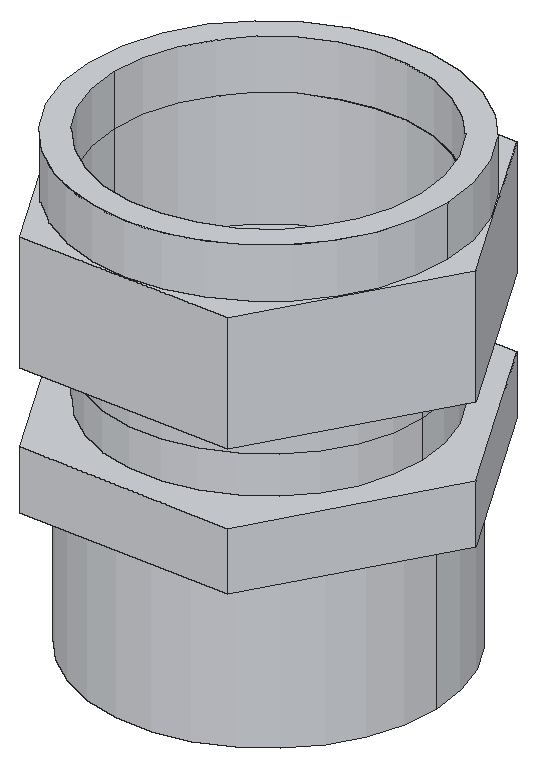
Revit family "BTG1", category Generic Models, Revit 2017
Family settings
  Can host rebar = No
  Round Connector Dimension = Use Diameter
  Part Type = Normal
  Work Plane-Based = Yes
  Always vertical = No
  Cut with Voids When Loaded = No
  Shared = No
  Room Calculation Point = No
Parameters (values of type "NBS Standard Parameters")
  Weight = "0.029Kg"
  WarrantyStartDate [instance] = "1900-12-31T23:59:59"
  WarrantyGuarantorParts = "n/a"
  WarrantyGuarantorLabor = "n/a"
  WarrantyDurationUnit = "1 year"
  WarrantyDurationParts = "n/a"
  WarrantyDurationLabor = "n/a"
  WarrantyDescription = "n/a"
  Version = "1"
  Uniclass2 = "Pr_65_70_11_20"
  TagNumber [instance] = "n/a"
  SustainabilityPerformance = "n/a"
  Size = "20mm"
  Shape = "Circular"
  SerialNumber [instance] = "n/a"
  Revision = "n/a"
  ReplacementCost = "n/a"
  ProductInformation = "www.metpro.co.uk/pdf/btg1.pdf"
  NominalWidth = 21.5 mm
  NominalLength = 21.5 mm
  NominalHeight = 22 mm
  Name = ""
  NBSTypeID = ""
  NBSReference = "90-55-10/460"
  NBSOfficeMasterTag = ""
  NBSNote = ""
  NBSDescription = "Conduit Fittings"
  NBSCertification = ""
  ModelReference = "BTG1"
  ModelNumber = "n/a"
  Material = "Brass"
  ManufacturerURL = "www.metpro.co.uk"
  ManufacturerName = "Metpro Ltd"
  Keynote = "Comprises of two Part Gland Body c/w Internal Rubber Seal"
  InstallationDate [instance] = "1900-12-31T23:59:59"
  IfcExportType = ""
  IfcExportAs = ""
  Grade = "n/a"
  Finish = "Self Colour"
  Features = "n/a"
  ExpectedLife = "n/a"
  DurationUnit = "year"
  Description = "BTG1 - 20mm Brass TRS Gland"
  Default Elevation = 1219.2 mm
  Constituents = "n/a"
  Color = "n/a"
  CodePerformance = "n/a"
  Category = "n/a"
  BarCode [instance] = "n/a"
  BIMObjectName = "Metpro_metprolibrary_conduitfittings_metalcomponent_brassaccessories"
  Author = "Metpro Ltd"
  AssetType = ""
  AssetIdentifier [instance] = "n/a"
  AccessibilityPerformance = "n/a"
Reference planes
  plane 1 "Center (Front/Back)": y = 0
  plane 2: z = 0
  plane 3 "Center (Left/Right)": x = 0
Forms (mm)
  Extrusion 1, solid
    sketch origin (8396.681, 899.683, -445.368) x (1, 0, 0) y (0, 1, 0)
      loop
        circle (2.528, 0) r 10.03
      loop
        circle (2.528, 0) r 8.008
    from 0 to 9.5
  Extrusion 2, solid
    sketch origin (8396.681, 899.683, -435.868) x (1, 0, 0) y (0, 1, 0)
      loop
        line (8.723, -10.731) -> (14.919, 0) -> (8.723, 10.731) -> (-3.668, 10.731) -> (-9.863, 0) -> (-3.668, -10.731) -> (8.723, -10.731)
      loop
        circle (2.528, 0) r 8.008
    from 0 to 3.5
  Extrusion 3, solid
    sketch origin (8396.681, 899.683, -432.368) x (1, 0, 0) y (0, 1, 0)
      loop
        circle (2.528, 0) r 8.008
      loop
        circle (2.528, 0) r 9.192
    from 0 to 4.237
  Extrusion 4, solid
    sketch origin (8396.681, 899.683, -428.131) x (1, 0, 0) y (0, 1, 0)
      loop
        line (-3.668, -10.731) -> (8.723, -10.731) -> (14.919, 0) -> (8.723, 10.731) -> (-3.668, 10.731) -> (-9.863, 0) -> (-3.668, -10.731)
      loop
        circle (2.528, 0) r 9.192
    from 0 to 7
  Extrusion 5, solid
    sketch origin (8396.681, 899.683, -421.131) x (1, 0, 0) y (0, 1, 0)
      loop
        circle (2.528, 0) r 9.192
      loop
        circle (2.528, 0) r 10.692
    from 0 to 3
  Extrusion 6, solid
    sketch origin (8396.681, 899.683, -428.131) x (0, 1, 0) y (1, 0, 0)
      loop
        circle (0, 2.528) r 9.192
      loop
        circle (0, 2.528) r 5
    from 0 to 2
Dimensions and locks
  aligned and locked: level to plane 2
